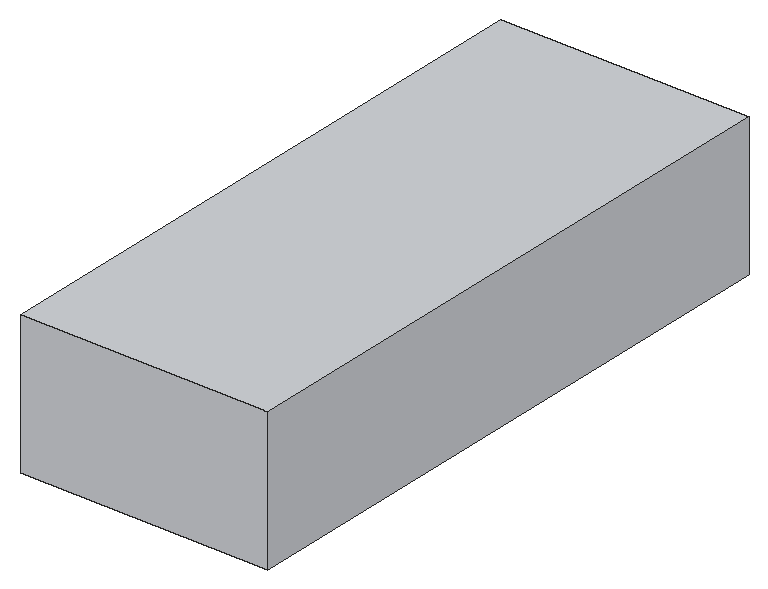
Revit family "LE Bath", category Furniture, Revit 2018
Family settings
  OmniClass Number = 23.40.20.00
  OmniClass Title = General Furniture and Specialties
  Work Plane-Based = No
  Always vertical = Yes
  Cut with Voids When Loaded = No
  Shared = No
  Room Calculation Point = No
Parameters (values of type "1700x700mm Bath")
  Width = 700 mm
  URL = "https://studiole.uk"
  Manufacturer = "LE"
  Length = 1700 mm
  Height = 400 mm
  Half Width = Width / 2  # 350 mm
  Frame Material = none
Types (2, lengths in mm): name | Width | Length | Half Width
  1700x700mm Bath | 700 | 1700 | 350
  1800x800mm Bath | 800 | 1800 | 400
Reference planes
  plane 1 "Center (Front/Back)": y = 0
  plane 2: z = 0
  plane 3 "Center (Left/Right)": x = 0
  plane 4 "Left": x = -350
  plane 5 "Right": x = 350
  plane 6 "Foot": y = -850
  plane 7 "Head": y = 850
  plane 8 "Height": z = 400
  plane 9 "Chair 4": x = -300
  plane 10 "Chair 5": x = 300
  plane 11 "Chair 6": y = 800
  plane 12 "Chair 7": y = -800
  plane 13 "Chair 8": y = 500
  plane 14 "Chair 9": y = -500
Forms (mm)
  Extrusion 1, solid, material <- "Frame Material"
    sketch origin (0, 0, 0) x (1, 0, 0) y (0, 1, 0)
      loop
        line (-350, 850) -> (-350, -850) -> (350, -850) -> (350, 850) -> (-350, 850)
    from 0 to 400 <- "Height"
Lines and regions (mm)
  model lines
    curve 1: arc (-300, 500, 400) -> (0, 800, 400) -> (300, 500, 400) r 300
    curve 2: arc (-300, -500, 400) -> (0, -800, 400) -> (300, -500, 400) r 300
    curve 3: line (300, 500, 400) -> (300, -500, 400)
    curve 4: line (-300, 500, 400) -> (-300, -500, 400)
Dimensions and locks
  "Length": plane 7 "Head" to plane 6 "Foot"
  equal spacing: plane 7 "Head", plane 1 "Center (Front/Back)", plane 6 "Foot"
  "Width": plane 4 "Left" to plane 5 "Right"
  equal spacing: plane 4 "Left", plane 3 "Center (Left/Right)", plane 5 "Right"
  "Height": plane 8 "Height" to plane 2
  plane 12 "Chair 7" to plane 6 "Foot" = 50 mm
  plane 7 "Head" to plane 11 "Chair 6" = 50 mm
  plane 4 "Left" to plane 9 "Chair 4" = 50 mm
  plane 10 "Chair 5" to plane 5 "Right" = 50 mm
  "Half Width": plane 14 "Chair 9" to plane 6 "Foot"
  "Half Width": plane 7 "Head" to plane 13 "Chair 8"
  aligned and locked: level to plane 2
Automatic sketch dimensions
  Extrusion 1 sketch curve to plane 4 "Left" = 0 mm
  Extrusion 1 sketch curve to plane 5 "Right" = 0 mm
  Extrusion 1 sketch curve to plane 6 "Foot" = 0 mm
  Extrusion 1 sketch curve to plane 7 "Head" = 0 mm
  curve 2 to plane 10 "Chair 5" = 0 mm
  curve 2 to plane 14 "Chair 9" = 0 mm
  curve 3 to plane 13 "Chair 8" = 0 mm
  curve 2 to plane 3 "Center (Left/Right)" = 0 mm
